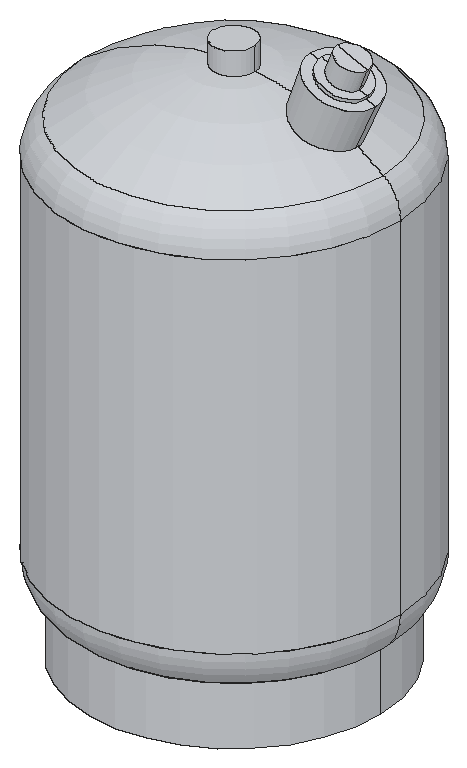
Revit family
Parameters (values of type "ST-20V-C 150# W.P. 10 BAR")
  Weight = "41 lbs"
  Tank Volume = "8 Gal"
  Tank Only = 19.063"
  Tank Height/Length = 20.188"
  Tank Diameter = 12.000"
  Pipe Connector Diameter = Pipe Connection Radius * 2  # 0.750"
  Pipe Connection Radius = 0.375"
  Model = "ST-20V-C"
  Maximum Acceptance Volume = "3.2 Gal"
  Max Operating Temp = "240 DEG F"
  Max Operating Pressure = "150 PSI"
  Manufacturer = "Amtrol"
  Bladder/Diaphragm = "Diaphragm"
  ASME = yes
Types (4): name | Weight | Max Operating Pressure
  (no name) | "41 lbs" | "150 PSI"
  ST-20V-C 150# W.P. 10 BAR | "41 lbs" | "150 PSI"
  ST-20V-C 175# W.P. | "45 lbs" | "175 PSI"
  ST-20V-C 250# W.P. | "52 lbs" | "250 PSI"
Reference planes (in)
  plane 1 "Center (Front/Back)": y = 1.73013
  plane 2: z = 0
  plane 3 "Center (Left/Right)": x = 0.75265
Forms (in)
  Revolve 1, solid
    sketch origin (0, 1.73013, 0) x (1, 0, 0) y (0, 0, 1)
      loop
        line (0.75265, 19.43866) -> (0.75265, 0.37566)
        arc (0.75265, 0.37566) -> (3.64072, 0.81692) -> (6.21483, 2.19882) r 8.6075
        arc (6.21483, 2.19882) -> (6.68014, 2.77343) -> (6.84647, 3.49386) r 1.64343
        line (6.84647, 3.49386) -> (6.84647, 16.37699)
        arc (6.84647, 16.37699) -> (6.67226, 17.07488) -> (6.20905, 17.62519) r 1.59444
        arc (6.20905, 17.62519) -> (3.62845, 18.97602) -> (0.75265, 19.43866) r 9.06474
      axis (0.75265, 0.37566) -> (0.75265, 19.43866)
    angle from 0 to 360
  Revolve 2, solid
    sketch origin (0, 1.73013, 0) x (1, 0, 0) y (0, 0, 1)
      loop
        line (-4.62235, 0) -> (-4.37235, 0) -> (-4.37235, 2.5) -> (-4.62235, 2.5) -> (-4.62235, 0)
      axis (0.75265, 0) -> (0.75265, 2.5)
    angle from 0 to 360
  Revolve 3, solid
    sketch origin (0, 1.73013, 0) x (1, 0, 0) y (0, 0, 1)
      loop
        line (5.08568, 21.07429) -> (4.05551, 18.52453) -> (5.17224, 18.07334) -> (5.92261, 19.75872) -> (5.59101, 19.89269) -> (5.63784, 20.00859) -> (5.33799, 20.12974) -> (5.63065, 20.8541) -> (5.08568, 21.07429)
      axis (4.05551, 18.52453) -> (5.08568, 21.07429)
    angle from 0 to 360
  Extrusion 4, solid
    sketch origin (0, 0, 0) x (1, 0, 0) y (0, 1, 0)
      loop
        circle (0.75265, 1.73013) r 0.75
    from 16.34966 to 20.188
Dimensions and locks (in)
  "Tank Only": Revolve 1 sketch curve to Revolve 1 sketch curve
  Revolve 1 sketch curve to level = 0.37566"
  Revolve 1 sketch curve to Revolve 1 sketch curve = 7.47031"
  Revolve 3 sketch curve to Revolve 1 = 1.69636"
  Revolve 3 sketch curve to Revolve 1 = 2.14754"
Automatic sketch dimensions
  Revolve 1 sketch curve to plane 3 "Center (Left/Right)" = 0.000"  (x2)
  Revolve 1 sketch curve to level = 0.000"
  plane 3 "Center (Left/Right)" to Revolve 1 sketch curve = 0.01684"
  plane 3 "Center (Left/Right)" to Revolve 1 sketch curve = 0.16287"
  plane 3 "Center (Left/Right)" to Revolve 1 sketch curve = 4.45038"
  plane 3 "Center (Left/Right)" to Revolve 1 sketch curve = 4.49961"
  Revolve 1 sketch curve to Revolve 1 sketch curve = 0.95679"
  Revolve 1 sketch curve to Revolve 1 sketch curve = 0.000"  (x2)
  Revolve 1 sketch curve to Revolve 1 sketch curve = 1.0118"
  Revolve 1 sketch curve to Revolve 1 sketch curve = 0.63742"
  Revolve 1 sketch curve to Revolve 1 sketch curve = 4.56134"
  Revolve 2 sketch curve to level = 0.000"  (x2)
  Revolve 2 sketch curve to plane 3 "Center (Left/Right)" = 0.000"
  level to Revolve 2 sketch curve = 2.500"
  Revolve 2 sketch curve to plane 3 "Center (Left/Right)" = 5.125"
  Revolve 2 sketch curve to Revolve 2 sketch curve = 0.250"
  Revolve 2 sketch curve to Revolve 2 sketch curve = 3.500"
  plane 3 "Center (Left/Right)" to Revolve 3 sketch curve = 2.99685"
  Revolve 3 sketch curve to Revolve 3 sketch curve = 0.30601"
  Revolve 3 sketch curve to Revolve 3 sketch curve = 1.03017"
  Revolve 3 sketch curve to Revolve 3 sketch curve = 1.11673"
  Revolve 3 sketch curve to Revolve 3 sketch curve = 0.25231"
  Revolve 3 sketch curve to Revolve 3 sketch curve = 0.2559"
  Revolve 3 sketch curve to Revolve 3 sketch curve = 0.25302"
  level to Revolve 3 sketch curve = 20.8541"
  level to Revolve 3 sketch curve = 20.00859"
  Revolve 3 sketch curve to Revolve 3 sketch curve = 0.3316"
  Revolve 3 sketch curve to Revolve 3 sketch curve = 0.7574"
  Revolve 3 sketch curve to Revolve 3 sketch curve = 0.63338"
  plane 1 "Center (Front/Back)" to Extrusion 4 sketch curve = 0.000"
  Extrusion 4 sketch curve to plane 3 "Center (Left/Right)" = 0.000"
  radius of Extrusion 4 sketch curve = 0.750"
Connectors (in)
  piping at (0.75265, 1.73013, 20.188), driven by "Pipe Connection Radius"
    settings: on Extrusion 4, index 1
